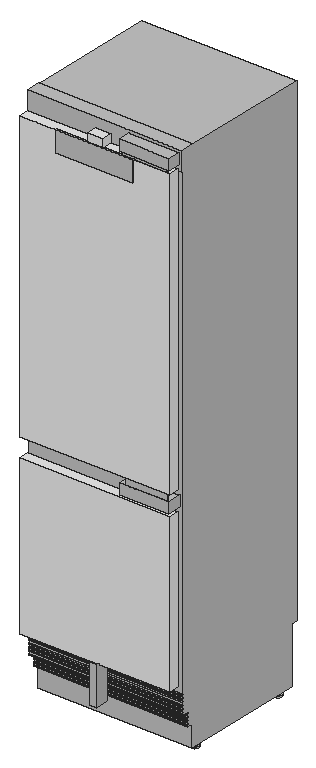
Revit family "FP-Revit18-RS6121WRUK1-FridgeFreezer-0-AS-AU-CN-EU-IE-NZ-SG-UK-90001108A", category Specialty Equipment, Revit 2020
Family settings
  Round Connector Dimension = Use Diameter
  Part Type = Normal
  OmniClass Number = 23.40.40.11.11
  OmniClass Title = Refrigerators and Freezers
  Work Plane-Based = No
  Always vertical = Yes
  Cut with Voids When Loaded = Yes
  Shared = No
  Room Calculation Point = No
Parameters (values of type "RS6121WRUE1")
  Visibility - Visibility Control Note = yes
  Visibility - Clearance Required = yes
  URL = "www.fisherpaykel.com"
  Stainless Steel Door Panels (RD6121WRD) = no
  Product - Width = 603 mm  # constant formula
  Product - Height = 2134 mm  # constant formula
  Product - Depth (exl front panel) = 610 mm  # constant formula
  Model = "RS6121WRUE1"
  Material - Handle = Fisher & Paykel - Aluminium, Dark
  Material - Door Structure = Fisher & Paykel - White
  Material - Door Front = Fisher & Paykel - Stainless Steel
  Material - Body = Fisher & Paykel - Grey
  Manufacturer = "Fisher & Paykel Appliances"
  Handle Style - Contemporary Square Fine Black (AHD5RD6121WB) = no
  Handle Style - Contemporary Square Fine (AHD5RD6121W) = no
  Handle Style - Contemporary Square (AHD3RD6121W) = no
  Handle Style - Contemporary Round (AHSRD6121W) = no
  Description = "61cm Integrated Column Refrigerator/Freezer with Ice & Water"
  Default Elevation = 0 mm
  Connector Description - Water = "1/2 BSP Stainless steel braided hose"
  Connector Description - Electrical = "230 V, 10 amp fused electrical supply"
  Cavity - Width = 610 mm  # constant formula
  Cavity - Height = 2134 mm  # constant formula
  Cavity - Depth = 650 mm  # constant formula
Reference planes
  plane 1 "Datum": y = 0
  plane 2: z = 0
  plane 3 "Center (Left/Right)": x = 0
  plane 4 "Product LHS": x = -301.5
  plane 5 "Product RHS": x = 301.5
  plane 6 "Product - Depth": y = 610
  plane 7: x = -305
  plane 8: x = 305
  plane 9 "Cavity - Depth": y = 628
  plane 10 "Handle Offset": x = -238.5
  plane 11 "Product Height": z = 2134
  plane 12 "Cavity Height": z = 2134
  plane 13 "Door Panel Datum": y = -4.1
Forms (mm)
  Extrusion 1, solid, material "Fisher & Paykel - Grey" <- "Material - Body", detail levels fine
    sketch origin (0, 0, 0) x (0, 1, 0) y (0, 0, 1)
      loop
        line (100.1, 19.1) -> (587.9, 19.1) -> (587.9, 239.7) -> (610, 239.7) -> (610, 2132.3) -> (105.1, 2132.3) -> (105.1, 2134) -> (49.9, 2134) -> (49.9, 2059) -> (56, 2059) -> (56, 228.6) -> (59.5, 228.6) -> (59.5, 219.7) -> (56.5, 219.7) -> (56.5, 215.9) -> (59.5, 215.9) -> (59.5, 207) -> (56.5, 207) -> (56.5, 203.2) -> (59.5, 203.2) -> (59.5, 194.3) -> (56.5, 194.3) -> (56.5, 190.5) -> (59.5, 190.5) -> (59.5, 181.6) -> (56.5, 181.6) -> (56.5, 177.8) -> (59.5, 177.8) -> (59.5, 168.9) -> (56.5, 168.9) -> (56.5, 165.1) -> (59.5, 165.1) -> (59.5, 156.2) -> (56.5, 156.2) -> (56.5, 152.4) -> (84.1, 152.4) -> (84.1, 143.5) -> (81.1, 143.5) -> (81.1, 139.7) -> (84.1, 139.7) -> (84.1, 130.8) -> (81.1, 130.8) -> (81.1, 127) -> (84.1, 127) -> (84.1, 118.1) -> (81.1, 118.1) -> (81.1, 114.3) -> (84.1, 114.3) -> (84.1, 105.4) -> (81.1, 105.4) -> (81.1, 101.6) -> (100.1, 101.6) -> (100.1, 19.1)
    from -301.5 to 301.5
  Extrusion 2, solid, material "Fisher & Paykel - Grey" <- "Material - Body"
    sketch origin (0, 0, 0) x (1, 0, 0) y (0, 1, 0)
      loop
        circle (-281, 547.8) r 4.1
      loop
        circle (-281, 141.8) r 4.1
      loop
        circle (281, 547.8) r 4.1
      loop
        circle (281, 141.8) r 4.1
    from 3 to 19.1
  Extrusion 3, solid, material "Fisher & Paykel - Grey" <- "Material - Body"
    sketch origin (0, 0, 0) x (1, 0, 0) y (0, 1, 0)
      loop
        circle (-281, 547.8) r 14.5
      loop
        circle (-281, 141.8) r 14.555
      loop
        circle (281, 547.8) r 14.5
      loop
        circle (281, 141.8) r 14.555
    from 0 to 3
  Extrusion 4, solid, material "Fisher & Paykel - Grey" <- "Material - Body", detail levels fine
    sketch origin (0, 0, 0) x (1, 0, 0) y (0, 1, 0)
      loop
        line (-7.5, 49) -> (-13.797, -4.1) -> (13.797, -4.1) -> (7.5, 49) -> (-7.5, 49)
    from 104.2 to 253.8
  Extrusion 5, solid, material "Fisher & Paykel - Grey" <- "Material - Body", detail levels fine
    sketch origin (0, 0, 0) x (1, 0, 0) y (0, 0, 1)
      loop
        line (289.9, 2123.15) -> (95.42, 2123.15) -> (95.42, 2081.05) -> (289.9, 2081.05) -> (289.9, 2123.15)
    from -49 to -2.5
  Extrusion 6, solid, material "Fisher & Paykel - Grey" <- "Material - Body", detail levels fine
    sketch origin (0, 0, 0) x (0, 1, 0) y (0, 0, 1)
      loop
        line (0, 2070.6) -> (0, 1988.6) -> (2, 1988.6) -> (2, 2068.6) -> (4, 2068.6) -> (4, 2070.6) -> (0, 2070.6)
    from -150 to 150
  Extrusion 7, solid, material "Fisher & Paykel - Grey" <- "Material - Body"
    sketch origin (0, 0, 0) x (1, 0, 0) y (0, 0, 1)
      loop
        circle (226.5, 119.813) r 5
      loop
        circle (-226.5, 119.813) r 5
    from -590 to -587.9
  Extrusion 8, solid, material "Fisher & Paykel - White" <- "Material - Door Structure"
    sketch origin (0, 0, 0) x (1, 0, 0) y (0, 1, 0)
      loop
        line (-276.5, 56) -> (-276.5, 42) -> (276.5, 42) -> (276.5, 56) -> (-276.5, 56)
    from 951.3 to 2030.7
  Extrusion 9, solid, material "Fisher & Paykel - White" <- "Material - Door Structure"
    sketch origin (0, 0, 0) x (1, 0, 0) y (0, 1, 0)
      loop
        line (-292.9, 42) -> (-292.9, 3) -> (292.9, 3) -> (292.9, 42) -> (-292.9, 42)
    from 943.8 to 2068.6
  Extrusion 10, solid, material "Fisher & Paykel - White" <- "Material - Door Structure", detail levels fine
    sketch origin (0, 0, 0) x (1, 0, 0) y (0, 0, 1)
      loop
        line (-29.5, 2100.1) -> (-29.5, 2068.6) -> (29.5, 2068.6) -> (29.5, 2100.1) -> (-29.5, 2100.1)
    from -42 to -3
  Extrusion 11, solid, material "Fisher & Paykel - Stainless Steel" <- "Material - Door Front", visible <- "Stainless Steel Door Panels (RD6121WRD)"
    sketch origin (0, 0, 0) x (0, 1, 0) y (0, 0, 1)
      loop
        line (-22.1, 2130.8) -> (-22.1, 876.3) -> (-4.1, 876.3) -> (-4.1, 2130.8) -> (-22.1, 2130.8)
      loop
        line (-22.1, 102) -> (-4.1, 102) -> (-4.1, 873.1) -> (-22.1, 873.1) -> (-22.1, 102)
    from -301.5 to 301.5
  Extrusion 12, solid, material "Fisher & Paykel - Grey" <- "Material - Body", detail levels coarse+medium
    sketch origin (0, 0, 0) x (0, 1, 0) y (0, 0, 1)
      loop
        line (49.9, 2134) -> (49.9, 2059) -> (56, 2059) -> (56, 152.4) -> (81.1, 152.4) -> (81.1, 101.6) -> (100.1, 101.6) -> (100.1, 19.1) -> (587.9, 19.1) -> (587.9, 239.7) -> (610, 239.7) -> (610, 2134) -> (49.9, 2134)
    from -301.5 to 301.5
  Extrusion 13, solid, material "Fisher & Paykel - Grey" <- "Material - Body", detail levels fine
    sketch origin (0, 0, 0) x (1, 0, 0) y (0, 0, 1)
      loop
        line (289.9, 877.25) -> (289.9, 919.35) -> (95.42, 919.35) -> (95.42, 877.25) -> (289.9, 877.25)
    from -56 to -2.5
  Extrusion 14, solid, material "Fisher & Paykel - Grey" <- "Material - Body", detail levels fine
    sketch origin (0, 0, -4) x (0, 1, 0) y (0, 0, 1)
      loop
        arc (163.888, 23.1) -> (180.4, 13.63) -> (196.912, 23.1) r 19.13
        line (196.912, 23.1) -> (163.888, 23.1)
      loop
        arc (493.888, 23.1) -> (510.4, 13.63) -> (526.912, 23.1) r 19.13
        line (526.912, 23.1) -> (493.888, 23.1)
    from 191 to 219
  Extrusion 15, solid, material "Fisher & Paykel - Grey" <- "Material - Body", detail levels fine
    sketch origin (0, 0, -4) x (0, 1, 0) y (0, 0, -1)
      loop
        line (163.888, -23.1) -> (196.912, -23.1)
        arc (196.912, -23.1) -> (180.4, -13.63) -> (163.888, -23.1) r 19.13
      loop
        line (493.888, -23.1) -> (526.912, -23.1)
        arc (526.912, -23.1) -> (510.4, -13.63) -> (493.888, -23.1) r 19.13
    from 191 to 219
  Extrusion 16, solid, material "Fisher & Paykel - Clearance Required", visible <- "Visibility - Clearance Required", detail levels coarse
    sketch origin (0, 0, 0) x (1, 0, 0) y (0, 1, 0)
      loop
        line (-305, 628) -> (-305, -4.1) -> (305, -4.1) -> (305, 628) -> (-305, 628)
    from 0 to 2134
  Extrusion 17, void
    sketch origin (0, 0, 0) x (1, 0, 0) y (0, 1, 0)
      loop
        line (-305, 628) -> (-305, -22.1) -> (305, -22.1) -> (305, 628) -> (-305, 628)
    from 0 to 2134
  Extrusion 18, solid, material "Fisher & Paykel - Grey" <- "Material - Body", detail levels fine
    sketch origin (0, 0, 0) x (1, 0, 0) y (0, 0, 1)
      loop
        line (118.4, 943.8) -> (118.4, 919.35) -> (282.9, 919.35) -> (282.9, 943.8) -> (118.4, 943.8)
      loop
        line (106, 2081.05) -> (106, 2068.6) -> (282.9, 2068.6) -> (282.9, 2076.05) -> (242.9, 2081.05) -> (106, 2081.05)
    from -7 to -4
  Extrusion 19, solid, material "Fisher & Paykel - White" <- "Material - Door Structure"
    sketch origin (0, 0, 0) x (1, 0, 0) y (0, 1, 0)
      loop
        line (-292.9, 42) -> (-292.9, 3) -> (292.9, 3) -> (292.9, 42) -> (-292.9, 42)
    from 253.8 to 868.15
  Extrusion 20, solid, material "Fisher & Paykel - White" <- "Material - Door Structure"
    sketch origin (0, 0, 0) x (1, 0, 0) y (0, 1, 0)
      loop
        line (-276.5, 56) -> (-276.5, 42) -> (276.5, 42) -> (276.5, 56) -> (-276.5, 56)
    from 269.2 to 858.13
  Extrusion 21, solid, material "Fisher & Paykel - Clearance Required", visible <- "Visibility - Clearance Required", detail levels coarse
    sketch origin (0, 0, 0) x (0, 1, 0) y (0, 0, 1)
      loop
        line (-422.1, 873.1) -> (-422.1, 818.896) -> (-482.1, 818.896) -> (-482.1, 781.896) -> (-422.1, 781.896) -> (-422.1, 101.6) -> (-22.1, 101.6) -> (-22.1, 873.1) -> (-422.1, 873.1)
    from -305 to 305
  Extrusion 22, solid, material "Fisher & Paykel - Clearance Required", visible <- "Visibility - Clearance Required", detail levels coarse
    sketch origin (0, 0, 0) x (1, 0, 0) y (0, 1, 0)
      loop
        line (301.57, -22) -> (-301.499, -22)
        arc (-301.499, -22) -> (-14.719, -560.594) -> (593.643, -607.728) r 633.937
        line (593.643, -607.728) -> (571.638, -560.412) -> (599.086, -547.613)
        arc (599.086, -547.613) -> (608.033, -523.032) -> (583.452, -514.085) r 18.497
        line (583.452, -514.085) -> (556.046, -526.865) -> (339.373, -60.633)
        arc (339.373, -60.633) -> (304.463, -56.981) -> (301.57, -22) r 27.504
    from 876.3 to 2134
Lines and regions (mm)
  model lines, style "Fisher & Paykel"
    curve 1: line (-301.5, -4.1, 2130.8) -> (301.5, -4.1, 2130.8)
    curve 2: line (-301.5, -4.1, 876.3) -> (-301.5, -4.1, 2130.8)
    curve 3: line (301.5, -4.1, 876.3) -> (-301.5, -4.1, 876.3)
    curve 4: line (301.5, -4.1, 2130.8) -> (301.5, -4.1, 876.3)
    curve 5: line (301.5, -4.1, 873.1) -> (-301.5, -4.1, 873.1)
    curve 6: line (301.5, -4.1, 102) -> (301.5, -4.1, 873.1)
    curve 7: line (-301.5, -4.1, 102) -> (301.5, -4.1, 102)
    curve 8: line (-301.5, -4.1, 873.1) -> (-301.5, -4.1, 102)
Text (mm)
  text "Due to ongoing product development, product details are subject to change without notice. \nPlease always refer to www.fisherpaykel.com for the most current product information. \n© Fisher & Paykel 2020" at (41.04, -678.295, 0), in view "Ref. Level (Plan)"
Dimensions and locks
  equal spacing: plane 4 "Product LHS", plane 3 "Center (Left/Right)", plane 5 "Product RHS"
  "Product - Width": plane 4 "Product LHS" to plane 5 "Product RHS"
  "Product - Depth (exl front panel)": plane 1 "Datum" to plane 6 "Product - Depth"
  equal spacing: plane 7, plane 3 "Center (Left/Right)", plane 8
  "Cavity - Width": plane 7 to plane 8
  plane 4 "Product LHS" to Extrusion 2 sketch curve = 24.6 mm
  plane 4 "Product LHS" to plane 10 "Handle Offset" = 63 mm
  Extrusion 7 sketch curve to Extrusion 1 = 119.887 mm  (x2)
  Extrusion 7 sketch curve to plane 5 "Product RHS" = 75 mm
  plane 4 "Product LHS" to Extrusion 7 sketch curve = 75 mm
  Extrusion 1 sketch curve to Extrusion 1 sketch curve = 82.5 mm
  Extrusion 1 sketch curve to Extrusion 1 sketch curve = 209.5 mm
  Extrusion 1 sketch curve to Extrusion 1 sketch curve = 220.6 mm
  Extrusion 3 to level = 3 mm
  Extrusion 12 to Extrusion 9 = 924.7 mm
  Extrusion 12 to Extrusion 8 = 932.2 mm
  Extrusion 12 to Extrusion 12 = 2114.9 mm
  Extrusion 12 to Extrusion 11 = 82.9 mm
  "Product - Height": level to plane 11 "Product Height"
  plane 11 "Product Height" to Extrusion 11 = 3.2 mm
  Extrusion 9 to plane 11 "Product Height" = 65.4 mm
  Extrusion 8 to plane 11 "Product Height" = 103.3 mm
  Extrusion 12 sketch curve to plane 11 "Product Height" = 75 mm
  Extrusion 1 sketch curve to plane 11 "Product Height" = 1.7 mm
  Extrusion 1 sketch curve to plane 11 "Product Height" = 75 mm
  "Cavity - Height": plane 12 "Cavity Height" to level
  plane 1 "Datum" to Extrusion 16 = 628 mm
  plane 1 "Datum" to Extrusion 17 = 628 mm
  Extrusion 18 sketch curve to Extrusion 18 sketch curve = 40 mm
  Extrusion 18 sketch curve to plane 3 "Center (Left/Right)" = 106 mm
  Extrusion 18 sketch curve to Extrusion 18 sketch curve = 176.9 mm
  Extrusion 18 sketch curve to plane 3 "Center (Left/Right)" = 118.4 mm
  plane 3 "Center (Left/Right)" to Extrusion 18 sketch curve = 282.9 mm
  Extrusion 17 to level = 2134 mm
  "Cavity - Depth": Extrusion 17 to Extrusion 22
  Extrusion 22 to plane 1 "Datum" = 22 mm
  radius of Extrusion 7 sketch curve = 5 mm
  aligned and locked: level to plane 2
  aligned and locked: Extrusion 11 to plane 5 "Product RHS"
  aligned and locked: plane 4 "Product LHS" to Extrusion 11
  aligned and locked: Extrusion 12 to plane 5 "Product RHS"
  aligned and locked: Extrusion 12 to plane 4 "Product LHS"
  aligned and locked: Extrusion 12 sketch curve to plane 11 "Product Height"
  aligned and locked: plane 11 "Product Height" to Extrusion 1 sketch curve
  aligned and locked: Extrusion 14 sketch curve to Extrusion 14 sketch curve
  aligned and locked: Extrusion 15 sketch curve to Extrusion 15 sketch curve
  aligned and locked: Extrusion 1 to plane 5 "Product RHS"
  aligned and locked: plane 4 "Product LHS" to Extrusion 1
  aligned and locked: nested 2 to plane 10 "Handle Offset"
  aligned and locked: nested 3 to plane 10 "Handle Offset"
  aligned and locked: nested 4 to plane 10 "Handle Offset"
  aligned and locked: nested 5 to plane 10 "Handle Offset"
Automatic sketch dimensions
  Extrusion 1 sketch curve to plane 6 "Product - Depth" = 0 mm
  Extrusion 1 sketch curve to Extrusion 1 sketch curve = 22.1 mm
  Extrusion 1 sketch curve to plane 1 "Datum" = 105.1 mm
  level to Extrusion 1 sketch curve = 19.1 mm
  Extrusion 1 sketch curve to plane 1 "Datum" = 100.1 mm
  Extrusion 1 sketch curve to Extrusion 1 sketch curve = 16 mm
  Extrusion 1 sketch curve to Extrusion 1 sketch curve = 0 mm  (x8)
  Extrusion 1 sketch curve to Extrusion 1 sketch curve = 3 mm  (x10)
  Extrusion 1 sketch curve to plane 1 "Datum" = 59.5 mm
  Extrusion 1 sketch curve to plane 1 "Datum" = 56 mm
  Extrusion 1 sketch curve to plane 1 "Datum" = 49.9 mm
  Extrusion 1 sketch curve to Extrusion 1 sketch curve = 3.8 mm  (x10)
  Extrusion 1 sketch curve to Extrusion 1 sketch curve = 8.9 mm  (x9)
  Extrusion 2 sketch curve to plane 4 "Product LHS" = 20.5 mm  (x2)
  plane 5 "Product RHS" to Extrusion 2 sketch curve = 20.5 mm  (x2)
  Extrusion 2 sketch curve to plane 1 "Datum" = 141.8 mm  (x2)
  Extrusion 2 sketch curve to plane 6 "Product - Depth" = 62.2 mm  (x2)
  Extrusion 3 sketch curve to plane 4 "Product LHS" = 20.5 mm  (x2)
  plane 5 "Product RHS" to Extrusion 3 sketch curve = 20.5 mm  (x2)
  Extrusion 3 sketch curve to plane 1 "Datum" = 141.8 mm  (x2)
  Extrusion 3 sketch curve to plane 6 "Product - Depth" = 62.2 mm  (x2)
  plane 1 "Datum" to Extrusion 4 sketch curve = 4.1 mm
  Extrusion 4 sketch curve to plane 3 "Center (Left/Right)" = 13.797 mm
  Extrusion 4 sketch curve to plane 3 "Center (Left/Right)" = 7.5 mm
  plane 3 "Center (Left/Right)" to Extrusion 4 sketch curve = 7.5 mm
  plane 3 "Center (Left/Right)" to Extrusion 4 sketch curve = 13.797 mm
  Extrusion 4 sketch curve to plane 1 "Datum" = 49 mm
  plane 11 "Product Height" to Extrusion 5 sketch curve = 10.85 mm
  plane 3 "Center (Left/Right)" to Extrusion 5 sketch curve = 95.42 mm
  plane 5 "Product RHS" to Extrusion 5 sketch curve = 11.6 mm
  Extrusion 5 sketch curve to Extrusion 5 sketch curve = 42.1 mm
  Extrusion 6 sketch curve to plane 1 "Datum" = 0 mm
  Extrusion 6 sketch curve to plane 1 "Datum" = 2 mm
  Extrusion 6 sketch curve to Extrusion 6 sketch curve = 2 mm  (x2)
  plane 11 "Product Height" to Extrusion 6 sketch curve = 145.4 mm
  plane 11 "Product Height" to Extrusion 6 sketch curve = 65.4 mm
  Extrusion 8 sketch curve to plane 4 "Product LHS" = 25 mm
  plane 5 "Product RHS" to Extrusion 8 sketch curve = 25 mm
  Extrusion 8 sketch curve to plane 1 "Datum" = 42 mm
  Extrusion 8 sketch curve to Extrusion 8 sketch curve = 14 mm
  Extrusion 9 sketch curve to plane 1 "Datum" = 3 mm
  Extrusion 9 sketch curve to plane 4 "Product LHS" = 8.6 mm
  plane 5 "Product RHS" to Extrusion 9 sketch curve = 8.6 mm
  Extrusion 9 sketch curve to Extrusion 9 sketch curve = 39 mm
  Extrusion 10 sketch curve to plane 3 "Center (Left/Right)" = 29.5 mm
  plane 3 "Center (Left/Right)" to Extrusion 10 sketch curve = 29.5 mm
  plane 11 "Product Height" to Extrusion 10 sketch curve = 65.4 mm
  Extrusion 10 sketch curve to Extrusion 10 sketch curve = 31.5 mm
  Extrusion 12 sketch curve to plane 6 "Product - Depth" = 0 mm
  Extrusion 12 sketch curve to plane 6 "Product - Depth" = 22.1 mm
  Extrusion 12 sketch curve to plane 1 "Datum" = 100.1 mm
  Extrusion 12 sketch curve to Extrusion 12 sketch curve = 19 mm
  Extrusion 12 sketch curve to plane 1 "Datum" = 56 mm
  Extrusion 12 sketch curve to plane 1 "Datum" = 49.9 mm
  level to Extrusion 12 sketch curve = 239.7 mm
  level to Extrusion 12 sketch curve = 152.4 mm
  Extrusion 12 sketch curve to Extrusion 12 sketch curve = 50.8 mm
  level to Extrusion 12 sketch curve = 19.1 mm
  plane 3 "Center (Left/Right)" to Extrusion 13 sketch curve = 95.42 mm
  plane 5 "Product RHS" to Extrusion 13 sketch curve = 11.6 mm
  level to Extrusion 13 sketch curve = 877.25 mm
  Extrusion 13 sketch curve to Extrusion 13 sketch curve = 42.1 mm
  level to Extrusion 14 sketch curve = 19.1 mm
  Extrusion 14 sketch curve to plane 1 "Datum" = 163.888 mm
  Extrusion 14 sketch curve to Extrusion 14 sketch curve = 16.512 mm  (x2)
  Extrusion 14 sketch curve to plane 6 "Product - Depth" = 116.112 mm
  Extrusion 14 sketch curve to Extrusion 14 sketch curve = 9.66 mm  (x2)
  level to Extrusion 15 sketch curve = 19.1 mm
  Extrusion 15 sketch curve to plane 1 "Datum" = 163.888 mm
  Extrusion 15 sketch curve to Extrusion 15 sketch curve = 16.512 mm  (x2)
  Extrusion 15 sketch curve to plane 6 "Product - Depth" = 116.112 mm
  Extrusion 15 sketch curve to Extrusion 15 sketch curve = 9.66 mm  (x2)
  Extrusion 16 sketch curve to plane 7 = 0 mm
  Extrusion 16 sketch curve to plane 8 = 0 mm
  Extrusion 16 sketch curve to plane 9 "Cavity - Depth" = 0 mm
  plane 1 "Datum" to Extrusion 16 sketch curve = 4.1 mm
  Extrusion 17 sketch curve to plane 7 = 0 mm
  Extrusion 17 sketch curve to plane 8 = 0 mm
  Extrusion 17 sketch curve to plane 9 "Cavity - Depth" = 0 mm
  plane 1 "Datum" to Extrusion 17 sketch curve = 22.1 mm
  level to Extrusion 18 sketch curve = 919.35 mm
  Extrusion 18 sketch curve to Extrusion 18 sketch curve = 24.45 mm
  plane 11 "Product Height" to Extrusion 18 sketch curve = 65.4 mm
  Extrusion 18 sketch curve to Extrusion 18 sketch curve = 7.45 mm
  Extrusion 18 sketch curve to Extrusion 18 sketch curve = 5 mm
  Extrusion 19 sketch curve to plane 1 "Datum" = 3 mm
  Extrusion 19 sketch curve to plane 4 "Product LHS" = 8.6 mm
  plane 5 "Product RHS" to Extrusion 19 sketch curve = 8.6 mm
  Extrusion 19 sketch curve to Extrusion 19 sketch curve = 39 mm
  Extrusion 20 sketch curve to plane 4 "Product LHS" = 25 mm
  plane 5 "Product RHS" to Extrusion 20 sketch curve = 25 mm
  Extrusion 20 sketch curve to plane 1 "Datum" = 42 mm
  Extrusion 20 sketch curve to Extrusion 20 sketch curve = 14 mm
  plane 1 "Datum" to Extrusion 21 sketch curve = 482.1 mm
  Extrusion 21 sketch curve to Extrusion 21 sketch curve = 60 mm
  Extrusion 21 sketch curve to Extrusion 21 sketch curve = 0 mm
  plane 1 "Datum" to Extrusion 21 sketch curve = 22.1 mm
  level to Extrusion 21 sketch curve = 101.6 mm
  Extrusion 21 sketch curve to Extrusion 21 sketch curve = 680.296 mm
  Extrusion 21 sketch curve to Extrusion 21 sketch curve = 37 mm
  Extrusion 21 sketch curve to Extrusion 21 sketch curve = 54.204 mm
  Extrusion 22 sketch curve to plane 4 "Product LHS" = 0.001 mm
  Extrusion 22 sketch curve to plane 5 "Product RHS" = 0.07 mm
  Extrusion 22 sketch curve to plane 8 = 19.121 mm
  Extrusion 22 sketch curve to Extrusion 22 sketch curve = 8.265 mm
  Extrusion 22 sketch curve to Extrusion 22 sketch curve = 15.252 mm
  Extrusion 22 sketch curve to plane 8 = 251.046 mm
  Extrusion 22 sketch curve to Extrusion 22 sketch curve = 15.592 mm
  Extrusion 22 sketch curve to Extrusion 22 sketch curve = 27.406 mm
  Extrusion 22 sketch curve to Extrusion 22 sketch curve = 7.817 mm  (x2)
  Extrusion 22 sketch curve to Extrusion 22 sketch curve = 22.005 mm
  plane 1 "Datum" to Extrusion 22 sketch curve = 607.728 mm
  Extrusion 22 sketch curve to Extrusion 22 sketch curve = 47.316 mm
  Extrusion 22 sketch curve to Extrusion 22 sketch curve = 12.799 mm
  Extrusion 22 sketch curve to Extrusion 22 sketch curve = 16.764 mm
  Extrusion 22 sketch curve to Extrusion 22 sketch curve = 12.78 mm
  plane 1 "Datum" to Extrusion 22 sketch curve = 60.633 mm
  Extrusion 22 sketch curve to Extrusion 22 sketch curve = 22.887 mm
  plane 1 "Datum" to Extrusion 11 sketch curve = 22.1 mm
  plane 1 "Datum" to Extrusion 11 sketch curve = 4.1 mm
  level to Extrusion 11 sketch curve = 102 mm
  plane 11 "Product Height" to Extrusion 11 sketch curve = 3.2 mm
  Extrusion 11 sketch curve to Extrusion 11 sketch curve = 3.2 mm
  Extrusion 11 sketch curve to Extrusion 11 sketch curve = 771.1 mm
  Extrusion 11 sketch curve to Extrusion 11 sketch curve = 0 mm  (x2)
  plane 5 "Product RHS" to curve 5 = 0 mm
  plane 5 "Product RHS" to curve 1 = 0 mm
  plane 4 "Product LHS" to curve 5 = 0 mm
  plane 4 "Product LHS" to curve 2 = 0 mm
  level to curve 6 = 102 mm
  curve 6 to curve 6 = 771.1 mm
  curve 5 to curve 2 = 3.2 mm
  plane 11 "Product Height" to curve 2 = 3.2 mm
  radius of Extrusion 2 sketch curve = 4.1 mm  (x3)
  radius of Extrusion 3 sketch curve = 14.5 mm  (x2)
  radius of Extrusion 3 sketch curve = 14.555 mm  (x2)
  radius of Extrusion 7 sketch curve = 5 mm
Nested families
  nested 1: "Visibility Control Note 18" at (0, 0, 0), visible <- "Visibility - Visibility Control Note", type "Visibility Control Note 18"
  nested 2: "Handle Contemporary Round - Vertical" at (-238.5, -22.1, 1322.58), visible <- "Handle Style - Contemporary Round (AHSRD6121W)", type "AHSRD6121W - Contemporary round handle (1 of 2) (Vertical) 727mm"
  nested 3: "Handle Contemporary Square - Vertical" at (-238.5, -22.1, 1322.58), visible <- "Handle Style - Contemporary Square (AHD3RD6121W)", type "AHD3RD6121W - Contemporary square handle (1 of 2) (Vertical) 727mm"
  nested 4: "F&P Handle Kit - Contemporary Square Fine - Vertical" at (-238.5, -22.1, 1322.58), visible <- "Handle Style - Contemporary Square Fine Black (AHD5RD6121WB)", type "AHD5RD6121WB - Contemporary square fine black handle (1 of 2) (Vertical) 727mm"
  nested 5: "F&P Handle Kit - Contemporary Square Fine - Vertical" at (-238.5, -22.1, 1322.58), visible <- "Handle Style - Contemporary Square Fine (AHD5RD6121W)", type "AHD5RD6121W - Contemporary square fine handle (1 of 2) (Vertical) 727mm"
  nested 6: "Handle Contemporary Round - Horizontal" at (0, -22.1, 800.364), visible <- "Handle Style - Contemporary Round (AHSRD6121W)", type "AHSRD6121W - Contemporary round handle (2 of 2) (Horizontal) 494mm"
  nested 7: "Handle Contemporary Square - Horizontal" at (0, -22.1, 800.364), visible <- "Handle Style - Contemporary Square (AHD3RD6121W)", type "AHD3RD6121W - Contemporary square handle (2 of 2) (Horizontal) 494mm"
  nested 8: "F&P Handle Kit - Contemporary Square Fine - Horizontal" at (0, -22.1, 800.364), visible <- "Handle Style - Contemporary Square Fine Black (AHD5RD6121WB)", type "AHD5RD6121WB - Contemporary square fine handle black (2 of 2) (Horizontal) 494mm"
  nested 9: "F&P Handle Kit - Contemporary Square Fine - Horizontal" at (0, -22.1, 800.364), visible <- "Handle Style - Contemporary Square Fine (AHD5RD6121W)", type "AHD5RD6121W - Contemporary square fine handle (2 of 2) (Horizontal) 494mm"
Connectors
  electrical at (-226.5, 590, 119.813), driven by "Connector Description - Electrical"
    settings: on Extrusion 7, index 1, voltage 230 V, apparent load 0 VA, apparent load phase1 0 VA, apparent load phase2 0 VA, apparent load phase3 0 VA, power factor 1, load classification "Other", number of poles 1, system type 30, power factor state 1, is connector primary yes, connector utility no, sub classification motor no, connector description "230 V, 10 amp fused electrical supply"
  piping at (226.5, 590, 119.813), diameter 12.7, driven by "Connector Description - Water"
    settings: on Extrusion 7, index 2, connector inside diameter 609.6 mm, connector length 0 mm, flow factor 0, pipe flow 0.0 L/s, pressure drop 0.0 Pa, fitting loss kfactor 0, connector angle 0.00°, fixture units 0, engagement length 0 mm, angle of deflection 0.00°, flow configuration 0, flow direction 1, fitting loss method 0, system type 20, joint type 0, gender type 0, connector reference index -1, connector utility 1, adjustable connector no, is connector primary yes, connector description "1/2 BSP Stainless steel braided hose"
Definition of nested family "Handle Contemporary Round - Vertical"
  Parameters (values of type "AHSRD7621W - Contemporary round handle (1 of 2) (Vertical) 727mm")
    URL = "www.fisherpaykel.com"
    Material - Handle = none
    Manufacturer = "Fisher & Paykel Appliances"
    Handle - Length = 727 mm
    Default Elevation = 0 mm
  Types (8, lengths in mm): name | Handle - Length
    AHS-RD21 - Contemporary round handle (Vertical) 852mm | 852
    AHSRD2484W - Contemporary round handle (1 of 2) (Vertical) 727mm | 727
    AHSRD3084W - Contemporary round handle (1 of 2) (Vertical) 727mm | 727
    AHS-RD84 - Contemporary round handle (Vertical) 852mm | 852
    AHSRS3272A - Contemporary round handle (1 of 2) (Vertical) 727mm | 727
    AHSRS80A - Contemporary round handle (1 of 2) (Vertical) 727mm | 727
    AHSRD6121W - Contemporary round handle (1 of 2) (Vertical) 727mm | 727
    AHSRD7621W - Contemporary round handle (1 of 2) (Vertical) 727mm | 727
  Reference planes
    plane 1 "Center (Front/Back)": y = 0
    plane 2: z = 0
    plane 3 "Center (Left/Right)": x = 0
    plane 4 "Top": z = 363.5
    plane 5 "Bottom": z = -363.5
    plane 6 "Top Standoff": z = 243.5
    plane 7 "Bottom Standoff": z = -243.5
  Forms (mm)
    Extrusion 1, solid, material <- "Material - Handle"
      sketch origin (0, 0, 0) x (1, 0, 0) y (0, 1, 0)
        loop
          circle (0, -32.3) r 8.7
      from -243.5 to 243.5
    Extrusion 2, solid, material <- "Material - Handle", detail levels fine
      sketch origin (0, 0, 0) x (1, 0, 0) y (0, 1, 0)
        loop
          line (-8.7, 0) -> (-8.7, -32.3)
          arc (-8.7, -32.3) -> (0, -41) -> (8.7, -32.3) r 8.7
          line (8.7, -32.3) -> (8.7, 0) -> (-8.7, 0)
      from 243.5 to 363.5
    Extrusion 3, solid, material <- "Material - Handle", detail levels fine
      sketch origin (0, 0, 0) x (1, 0, 0) y (0, 1, 0)
        loop
          line (-8.7, 0) -> (-8.7, -32.3)
          arc (-8.7, -32.3) -> (0, -41) -> (8.7, -32.3) r 8.7
          line (8.7, -32.3) -> (8.7, 0) -> (-8.7, 0)
      from -363.5 to -243.5
    Sweep 4, void
      path in 3D
        loop
          line (8.7, 0, -363.5) -> (8.7, -32.3, -363.5)
          arc (8.7, -32.3, -363.5) -> (0, -41, -363.5) -> (-8.7, -32.3, -363.5) r 8.7
          line (-8.7, -32.3, -363.5) -> (-8.7, 0, -363.5)
      profile origin (8.7, -16.15, -363.5) x (-1, 0, 0) y (0, 0, -1)
        loop
          line (0, 0) -> (0, -1) -> (1, 0) -> (0, 0)
    Sweep 5, void
      path in 3D
        loop
          line (-8.7, 0, 363.5) -> (-8.7, -32.3, 363.5)
          arc (-8.7, -32.3, 363.5) -> (0, -41, 363.5) -> (8.7, -32.3, 363.5) r 8.7
          line (8.7, -32.3, 363.5) -> (8.7, 0, 363.5)
      profile origin (8.7, -16.15, 363.5) x (-1, 0, 0) y (0, 0, 1)
        loop
          line (0, 0) -> (0, -1) -> (1, 0) -> (0, 0)
    Extrusion 6, solid, material <- "Material - Handle", detail levels coarse+medium
      sketch origin (0, 0, 0) x (1, 0, 0) y (0, 1, 0)
        loop
          line (-8.7, 0) -> (-8.7, -32.3)
          arc (-8.7, -32.3) -> (0, -41) -> (8.7, -32.3) r 8.7
          line (8.7, -32.3) -> (8.7, 0) -> (-8.7, 0)
      from 243.5 to 363.5
    Extrusion 7, solid, material <- "Material - Handle", detail levels coarse+medium
      sketch origin (0, 0, 0) x (1, 0, 0) y (0, 1, 0)
        loop
          line (-8.7, 0) -> (-8.7, -32.3)
          arc (-8.7, -32.3) -> (0, -41) -> (8.7, -32.3) r 8.7
          line (8.7, -32.3) -> (8.7, 0) -> (-8.7, 0)
      from -363.5 to -243.5
  Cuts and joins
    Sweep 4 cuts Extrusion 3
    Sweep 5 cuts Extrusion 2
  Lines and regions (mm)
    sketch lines
      curve 1: line (8.7, 0, -363.5) -> (8.7, -32.3, -363.5)
      curve 2: arc (-8.7, -32.3, -363.5) -> (0, -41, -363.5) -> (8.7, -32.3, -363.5) r 8.7
      curve 3: line (-8.7, -32.3, -363.5) -> (-8.7, 0, -363.5)
      curve 4: line (8.7, -32.3, 363.5) -> (8.7, 0, 363.5)
      curve 5: arc (8.7, -32.3, 363.5) -> (0, -41, 363.5) -> (-8.7, -32.3, 363.5) r 8.7
      curve 6: line (-8.7, 0, 363.5) -> (-8.7, -32.3, 363.5)
  Dimensions and locks
    equal spacing: plane 4 "Top", level, plane 5 "Bottom"
    "Handle - Length": plane 4 "Top" to plane 5 "Bottom"
    locked: plane 4 "Top" to plane 6 "Top Standoff" at 120
    locked: plane 7 "Bottom Standoff" to plane 5 "Bottom" at 120
    Extrusion 2 sketch curve to Extrusion 2 sketch curve = 17.4 mm
    Extrusion 3 sketch curve to Extrusion 3 sketch curve = 17.4 mm
    Extrusion 6 sketch curve to Extrusion 6 sketch curve = 17.4 mm
    Extrusion 7 sketch curve to Extrusion 7 sketch curve = 17.4 mm
    aligned and locked: level to plane 2
    aligned and locked: plane 4 "Top" to Extrusion 2
    aligned and locked: Extrusion 3 to plane 5 "Bottom"
    aligned and locked: plane 7 "Bottom Standoff" to Extrusion 3
    aligned and locked: Extrusion 1 to plane 7 "Bottom Standoff"
    aligned and locked: plane 6 "Top Standoff" to Extrusion 1
    aligned and locked: Extrusion 2 to Extrusion 1
    aligned and locked: Extrusion 6 to Extrusion 1
    aligned and locked: plane 4 "Top" to Extrusion 6
    aligned and locked: Extrusion 7 to Extrusion 1
    aligned and locked: Extrusion 7 to plane 5 "Bottom"
  Automatic sketch dimensions
    Extrusion 1 sketch curve to plane 3 "Center (Left/Right)" = 0 mm
    plane 1 "Center (Front/Back)" to Extrusion 1 sketch curve = 32.3 mm
    plane 1 "Center (Front/Back)" to Extrusion 2 sketch curve = 0 mm
    Extrusion 2 sketch curve to plane 3 "Center (Left/Right)" = 0 mm
    Extrusion 2 sketch curve to plane 3 "Center (Left/Right)" = 8.7 mm
    plane 1 "Center (Front/Back)" to Extrusion 2 sketch curve = 32.3 mm
    plane 1 "Center (Front/Back)" to Extrusion 3 sketch curve = 0 mm
    Extrusion 3 sketch curve to plane 3 "Center (Left/Right)" = 0 mm
    Extrusion 3 sketch curve to plane 3 "Center (Left/Right)" = 8.7 mm
    plane 1 "Center (Front/Back)" to Extrusion 3 sketch curve = 32.3 mm
    Sweep 4 sketch curve to profile plane = 0 mm  (x2)
    Sweep 4 sketch curve to profile plane = 1 mm  (x2)
    Sweep 5 sketch curve to profile plane = 0 mm  (x2)
    Sweep 5 sketch curve to profile plane = 1 mm  (x2)
    Extrusion 6 sketch curve to plane 3 "Center (Left/Right)" = 0 mm
    Extrusion 6 sketch curve to plane 3 "Center (Left/Right)" = 8.7 mm
    plane 1 "Center (Front/Back)" to Extrusion 6 sketch curve = 32.3 mm
    Extrusion 6 sketch curve to Extrusion 6 sketch curve = 32.3 mm
    Extrusion 7 sketch curve to plane 3 "Center (Left/Right)" = 0 mm
    Extrusion 7 sketch curve to plane 3 "Center (Left/Right)" = 8.7 mm
    plane 1 "Center (Front/Back)" to Extrusion 7 sketch curve = 32.3 mm
    Extrusion 7 sketch curve to Extrusion 7 sketch curve = 32.3 mm
    radius of Extrusion 1 sketch curve = 8.7 mm
Definition of nested family "Handle Contemporary Square - Vertical"
  Parameters (values of type "AHD3RD6121W - Contemporary square handle (1 of 2) (Vertical) 727mm")
    URL = "www.fisherpaykel.com"
    Material - Handle = none
    Manufacturer = "Fisher & Paykel Appliances"
    Handle - Length = 727 mm
    Default Elevation = 0 mm
  Types (9, lengths in mm): name | Handle - Length
    (no name) | 727
    AHD3-RD21 - Contemporary square handle (Vertical) 852mm | 852
    AHD3RD2484W - Contemporary square handle (1 of 2) (Vertical) 727mm | 727
    AHD3RD3084W - Contemporary square handle (1 of 2) (Vertical) 727mm | 727
    AHD3-RD84 - Contemporary square handle (Vertical) 852mm | 852
    AHD3RS3272A - Contemporary square handle (1 of 2) (Vertical) 727mm | 727
    AHD3RS80A - Contemporary square handle (1 of 2) (Vertical) 727mm | 727
    AHD3RD6121W - Contemporary square handle (1 of 2) (Vertical) 727mm | 727
    AHD3RD7621W - Contemporary square handle (1 of 2) (Vertical) 727mm | 727
  Reference planes
    plane 1 "Center (Front/Back)": y = 0
    plane 2: z = 0
    plane 3 "Center (Left/Right)": x = 0
    plane 4 "Top": z = 363.5
    plane 5 "Bottom": z = -363.5
    plane 6 "Top Standoff": z = 243.5
    plane 7 "Bottom Standoff": z = -243.5
  Forms (mm)
    Extrusion 1, solid, material <- "Material - Handle", detail levels fine
      sketch origin (0, 0, 0) x (1, 0, 0) y (0, 1, 0)
        loop
          arc (-7.583, -28.701) -> (-7.89, -29.057) -> (-8, -29.514) r 1
          line (-8, -29.514) -> (-8, -40.5)
          arc (-8, -40.5) -> (-7.561, -41.561) -> (-6.5, -42) r 1.5
          line (-6.5, -42) -> (6.5, -42)
          arc (6.5, -42) -> (7.561, -41.561) -> (8, -40.5) r 1.5
          line (8, -40.5) -> (8, -29.487)
          arc (8, -29.487) -> (7.889, -29.029) -> (7.58, -28.673) r 1
          arc (7.58, -28.673) -> (-0.006, -26.256) -> (-7.583, -28.701) r 13.038
      from -363.5 to 363.5
    Extrusion 2, solid, material <- "Material - Handle", detail levels fine
      sketch origin (0, 0, 0) x (1, 0, 0) y (0, 1, 0)
        loop
          arc (7.058, -28.23) -> (7.466, -28.244) -> (7.674, -27.893) r 0.4
          line (7.674, -27.893) -> (7.674, 0) -> (-7.674, 0) -> (-7.674, -27.86)
          arc (-7.674, -27.86) -> (-7.467, -28.21) -> (-7.06, -28.198) r 0.4
          arc (-7.06, -28.198) -> (0.004, -26.156) -> (7.058, -28.23) r 13.136
      from 243.5 to 363.5
    Extrusion 3, solid, material <- "Material - Handle", detail levels fine
      sketch origin (0, 0, 0) x (1, 0, 0) y (0, 1, 0)
        loop
          arc (7.058, -28.23) -> (7.466, -28.244) -> (7.674, -27.893) r 0.4
          line (7.674, -27.893) -> (7.674, 0) -> (-7.674, 0) -> (-7.674, -27.86)
          arc (-7.674, -27.86) -> (-7.467, -28.21) -> (-7.06, -28.198) r 0.4
          arc (-7.06, -28.198) -> (0.004, -26.156) -> (7.058, -28.23) r 13.136
      from -363.5 to -243.5
    Sweep 4, void
      path in 3D
        loop
          line (-8, -29.514, 363.5) -> (-8, -40.5, 363.5)
          arc (-8, -40.5, 363.5) -> (-7.561, -41.561, 363.5) -> (-6.5, -42, 363.5) r 1.5
          line (-6.5, -42, 363.5) -> (6.5, -42, 363.5)
          arc (6.5, -42, 363.5) -> (7.561, -41.561, 363.5) -> (8, -40.5, 363.5) r 1.5
          line (8, -40.5, 363.5) -> (8, -29.487, 363.5)
      profile origin (8, -34.994, 363.5) x (-1, 0, 0) y (0, 0, 1)
        loop
          line (0, 0) -> (0, -1.3) -> (1.3, 0) -> (0, 0)
    Sweep 5, void
      path in 3D
        loop
          line (8, -29.487, -363.5) -> (8, -40.5, -363.5)
          arc (8, -40.5, -363.5) -> (7.561, -41.561, -363.5) -> (6.5, -42, -363.5) r 1.5
          line (6.5, -42, -363.5) -> (-6.5, -42, -363.5)
          arc (-6.5, -42, -363.5) -> (-7.561, -41.561, -363.5) -> (-8, -40.5, -363.5) r 1.5
          line (-8, -40.5, -363.5) -> (-8, -29.514, -363.5)
      profile origin (8, -34.994, -363.5) x (-1, 0, 0) y (0, 0, -1)
        loop
          line (0, 0) -> (0, -1.3) -> (1.3, 0) -> (0, 0)
    Extrusion 6, void
      sketch origin (0, 0, 0) x (1, 0, 0) y (0, 0, 1)
        loop
          line (-8, -362.2) -> (-8, -363.5) -> (-6.7, -363.5) -> (-8, -362.2)
        loop
          line (8, -362.2) -> (6.7, -363.5) -> (8, -363.5) -> (8, -362.2)
      from 0 to 40
    Extrusion 7, void
      sketch origin (0, 0, 0) x (1, 0, 0) y (0, 0, 1)
        loop
          line (-8, 363.5) -> (-8, 362.2) -> (-6.7, 363.5) -> (-8, 363.5)
        loop
          line (8, 363.5) -> (6.7, 363.5) -> (8, 362.2) -> (8, 363.5)
      from 0 to 40
    Extrusion 8, solid, material <- "Material - Handle", detail levels coarse+medium
      sketch origin (0, 0, 0) x (0, 1, 0) y (0, 0, 1)
        loop
          line (0, 363.5) -> (-42, 363.5) -> (-42, -363.5) -> (0, -363.5) -> (0, -243.5) -> (-26.245, -243.5) -> (-26.245, 243.5) -> (0, 243.5) -> (0, 363.5)
      from -8 to 8
  Cuts and joins
    Sweep 4, Sweep 5, Extrusion 6, Extrusion 7 cuts Extrusion 1
    Extrusion 6 cuts Extrusion 3
    Extrusion 7 cuts Extrusion 2
  Lines and regions (mm)
    sketch lines
      curve 1: line (8, -40.5, 363.5) -> (8, -29.487, 363.5)
      curve 2: arc (8, -40.5, 363.5) -> (7.561, -41.561, 363.5) -> (6.5, -42, 363.5) r 1.5
      curve 3: line (-6.5, -42, 363.5) -> (6.5, -42, 363.5)
      curve 4: arc (-6.5, -42, 363.5) -> (-7.561, -41.561, 363.5) -> (-8, -40.5, 363.5) r 1.5
      curve 5: line (-8, -29.514, 363.5) -> (-8, -40.5, 363.5)
      curve 6: line (8, -29.487, -363.5) -> (8, -40.5, -363.5)
      curve 7: arc (6.5, -42, -363.5) -> (7.561, -41.561, -363.5) -> (8, -40.5, -363.5) r 1.5
      curve 8: line (6.5, -42, -363.5) -> (-6.5, -42, -363.5)
      curve 9: arc (-8, -40.5, -363.5) -> (-7.561, -41.561, -363.5) -> (-6.5, -42, -363.5) r 1.5
      curve 10: line (-8, -40.5, -363.5) -> (-8, -29.514, -363.5)
  Dimensions and locks
    equal spacing: plane 4 "Top", level, plane 5 "Bottom"
    "Handle - Length": plane 4 "Top" to plane 5 "Bottom"
    locked: plane 4 "Top" to plane 6 "Top Standoff" at 120
    locked: plane 7 "Bottom Standoff" to plane 5 "Bottom" at 120
    aligned and locked: level to plane 2
    aligned and locked: plane 4 "Top" to Extrusion 2
    aligned and locked: Extrusion 2 to plane 6 "Top Standoff"
    aligned and locked: plane 4 "Top" to Extrusion 1
    aligned and locked: Extrusion 1 to plane 5 "Bottom"
    aligned and locked: Extrusion 3 to plane 5 "Bottom"
    aligned and locked: plane 7 "Bottom Standoff" to Extrusion 3
    aligned and locked: plane 4 "Top" to Extrusion 8 sketch curve
    aligned and locked: plane 6 "Top Standoff" to Extrusion 8 sketch curve
    aligned and locked: plane 7 "Bottom Standoff" to Extrusion 8 sketch curve
    aligned and locked: plane 5 "Bottom" to Extrusion 8 sketch curve
    aligned and locked: plane 1 "Center (Front/Back)" to Extrusion 8 sketch curve  (x2)
  Automatic sketch dimensions
    Extrusion 1 sketch curve to plane 3 "Center (Left/Right)" = 8 mm
    Extrusion 1 sketch curve to Extrusion 1 sketch curve = 1 mm  (x2)
    Extrusion 1 sketch curve to Extrusion 1 sketch curve = 1.5 mm
    plane 3 "Center (Left/Right)" to Extrusion 1 sketch curve = 0.018 mm
    plane 3 "Center (Left/Right)" to Extrusion 1 sketch curve = 6.5 mm
    plane 3 "Center (Left/Right)" to Extrusion 1 sketch curve = 7 mm
    plane 1 "Center (Front/Back)" to Extrusion 1 sketch curve = 42 mm
    Extrusion 1 sketch curve to Extrusion 1 sketch curve = 1.206 mm
    Extrusion 1 sketch curve to Extrusion 1 sketch curve = 10.986 mm
    Extrusion 1 sketch curve to Extrusion 1 sketch curve = 11.013 mm
    Extrusion 1 sketch curve to Extrusion 1 sketch curve = 0 mm
    plane 1 "Center (Front/Back)" to Extrusion 2 sketch curve = 0 mm
    Extrusion 2 sketch curve to plane 3 "Center (Left/Right)" = 7.674 mm
    Extrusion 2 sketch curve to Extrusion 2 sketch curve = 0.4 mm  (x2)
    Extrusion 2 sketch curve to plane 3 "Center (Left/Right)" = 0.026 mm
    plane 3 "Center (Left/Right)" to Extrusion 2 sketch curve = 7.274 mm
    plane 1 "Center (Front/Back)" to Extrusion 2 sketch curve = 27.86 mm
    Extrusion 2 sketch curve to Extrusion 2 sketch curve = 0.033 mm
    Extrusion 2 sketch curve to Extrusion 2 sketch curve = 11.398 mm
    Extrusion 2 sketch curve to Extrusion 2 sketch curve = 0 mm
    plane 1 "Center (Front/Back)" to Extrusion 3 sketch curve = 0 mm
    Extrusion 3 sketch curve to Extrusion 3 sketch curve = 0.4 mm  (x2)
    Extrusion 3 sketch curve to Extrusion 3 sketch curve = 7.248 mm
    Extrusion 3 sketch curve to Extrusion 3 sketch curve = 7.3 mm
    plane 1 "Center (Front/Back)" to Extrusion 3 sketch curve = 27.86 mm
    Extrusion 3 sketch curve to Extrusion 3 sketch curve = 0.033 mm
    Extrusion 3 sketch curve to Extrusion 3 sketch curve = 11.398 mm
    Extrusion 3 sketch curve to Extrusion 3 sketch curve = 0 mm
    Sweep 4 sketch curve to profile plane = 0 mm  (x2)
    Sweep 4 sketch curve to profile plane = 1.3 mm  (x2)
    Sweep 5 sketch curve to profile plane = 0 mm  (x2)
    Sweep 5 sketch curve to profile plane = 1.3 mm  (x2)
    Extrusion 6 sketch curve to plane 5 "Bottom" = 0 mm  (x2)
    plane 5 "Bottom" to Extrusion 6 sketch curve = 1.3 mm  (x2)
    Extrusion 6 sketch curve to plane 3 "Center (Left/Right)" = 8 mm
    Extrusion 6 sketch curve to Extrusion 6 sketch curve = 1.3 mm  (x2)
    plane 3 "Center (Left/Right)" to Extrusion 6 sketch curve = 8 mm
    Extrusion 7 sketch curve to plane 4 "Top" = 0 mm  (x2)
    Extrusion 7 sketch curve to plane 3 "Center (Left/Right)" = 8 mm
    Extrusion 7 sketch curve to Extrusion 7 sketch curve = 1.3 mm  (x2)
    plane 3 "Center (Left/Right)" to Extrusion 7 sketch curve = 8 mm
    Extrusion 7 sketch curve to plane 4 "Top" = 1.3 mm  (x2)
    plane 1 "Center (Front/Back)" to Extrusion 8 sketch curve = 26.245 mm
    plane 1 "Center (Front/Back)" to Extrusion 8 sketch curve = 42 mm
    Extrusion 3 sketch curve to plane 3 "Center (Left/Right)" = 7.674 mm
Definition of nested family "F&P Handle Kit - Contemporary Square Fine - Vertical"
  Parameters (values of type "AHD5RD90AB - Contemporary square fine black handle (1 of 2) (Vertical) 727mm")
    URL = "www.fisherpaykel.com"
    Material - Handle = none
    Manufacturer = "Fisher & Paykel Appliances"
    Handle - Length = 727 mm
    Default Elevation = 0 mm
  Types (14): name
    AHD5RD2484W - Contemporary square fine handle (1 of 2) (Vertical) 727mm
    AHD5RD2484WB - Contemporary square fine black handle (1 of 2) (Vertical) 727mm
    AHD5RD3084W - Contemporary square fine handle (1 of 2) (Vertical) 727mm
    AHD5RD3084WB - Contemporary square fine black handle (1 of 2) (Vertical) 727mm
    AHD5RD6121W - Contemporary square fine handle (1 of 2) (Vertical) 727mm
    AHD5RD6121WB - Contemporary square fine black handle (1 of 2) (Vertical) 727mm
    AHD5RD7621W - Contemporary square fine handle (1 of 2) (Vertical) 727mm
    AHD5RD7621WB - Contemporary square fine black handle (1 of 2) (Vertical) 727mm
    AHD5RD36A - Contemporary square fine handle (1 of 2) (Vertical) 727mm
    AHD5RD36AB - Contemporary square fine black handle (1 of 2) (Vertical) 727mm
    AHD5RD80A - Contemporary square fine handle (1 of 2) (Vertical) 727mm
    AHD5RD90A - Contemporary square fine handle (1 of 2) (Vertical) 727mm
    AHD5RD80AB - Contemporary square fine black handle (1 of 2) (Vertical) 727mm
    AHD5RD90AB - Contemporary square fine black handle (1 of 2) (Vertical) 727mm
  Reference planes
    plane 1 "Center (Front/Back)": y = 0
    plane 2: z = 0
    plane 3 "Center (Left/Right)": x = 0
    plane 4 "Top": z = 363.5
    plane 5 "Bottom": z = -363.5
    plane 6 "Top Standoff": z = 243.5
    plane 7 "Bottom Standoff": z = -243.5
  Forms (mm)
    Extrusion 1, solid, material <- "Material - Handle", detail levels fine
      sketch origin (0, 0, 0) x (1, 0, 0) y (0, 1, 0)
        loop
          arc (-6.16, -26.813) -> (-6.554, -27.196) -> (-6.686, -27.728) r 1
          line (-6.686, -27.728) -> (-6.256, -40.035)
          arc (-6.256, -40.035) -> (-5.951, -40.719) -> (-5.257, -41) r 1
          line (-5.257, -41) -> (5.257, -41)
          arc (5.257, -41) -> (5.951, -40.719) -> (6.256, -40.035) r 1
          line (6.256, -40.035) -> (6.686, -27.709)
          arc (6.686, -27.709) -> (6.554, -27.175) -> (6.158, -26.792) r 1
          arc (6.158, -26.792) -> (-0.004, -25.256) -> (-6.16, -26.813) r 13.038
      from -363.5 to 363.5
    Extrusion 2, solid, material <- "Material - Handle", detail levels fine
      sketch origin (0, 0, 0) x (1, 0, 0) y (0, 1, 0)
        loop
          arc (6.012, -26.626) -> (6.494, -26.614) -> (6.741, -26.2) r 0.5
          line (6.741, -26.2) -> (7.7, 0) -> (-7.7, 0) -> (-6.742, -26.174)
          arc (-6.742, -26.174) -> (-6.496, -26.587) -> (-6.015, -26.6) r 0.5
          arc (-6.015, -26.6) -> (0.002, -25.156) -> (6.012, -26.626) r 13.136
      from 243.5 to 363.5
    Extrusion 3, solid, material <- "Material - Handle", detail levels coarse+medium
      sketch origin (0, 0, 0) x (0, 1, 0) y (0, 0, 1)
        loop
          line (0, 363.5) -> (-42, 363.5) -> (-42, -363.5) -> (0, -363.5) -> (0, -243.5) -> (-26.245, -243.5) -> (-26.245, 243.5) -> (0, 243.5) -> (0, 363.5)
      from -8 to 8
    Extrusion 4, solid, material <- "Material - Handle", detail levels fine
      sketch origin (0, 0, 0) x (1, 0, 0) y (0, 1, 0)
        loop
          arc (6.012, -26.626) -> (6.494, -26.614) -> (6.741, -26.2) r 0.5
          line (6.741, -26.2) -> (7.7, 0) -> (-7.7, 0) -> (-6.742, -26.174)
          arc (-6.742, -26.174) -> (-6.496, -26.587) -> (-6.015, -26.6) r 0.5
          arc (-6.015, -26.6) -> (0.002, -25.156) -> (6.012, -26.626) r 13.136
      from -363.5 to -243.5
  Dimensions and locks
    equal spacing: plane 4 "Top", level, plane 5 "Bottom"
    "Handle - Length": plane 4 "Top" to plane 5 "Bottom"
    locked: plane 4 "Top" to plane 6 "Top Standoff" at 120
    locked: plane 7 "Bottom Standoff" to plane 5 "Bottom" at 120
    aligned and locked: level to plane 2
    aligned and locked: plane 4 "Top" to Extrusion 2
    aligned and locked: Extrusion 2 to plane 6 "Top Standoff"
    aligned and locked: plane 4 "Top" to Extrusion 1
    aligned and locked: Extrusion 1 to plane 5 "Bottom"
    aligned and locked: plane 4 "Top" to Extrusion 3 sketch curve
    aligned and locked: plane 6 "Top Standoff" to Extrusion 3 sketch curve
    aligned and locked: plane 7 "Bottom Standoff" to Extrusion 3 sketch curve
    aligned and locked: plane 5 "Bottom" to Extrusion 3 sketch curve
    aligned and locked: Extrusion 4 to plane 5 "Bottom"
    aligned and locked: plane 7 "Bottom Standoff" to Extrusion 4
  Automatic sketch dimensions
    Extrusion 1 sketch curve to plane 3 "Center (Left/Right)" = 6.686 mm
    Extrusion 1 sketch curve to plane 3 "Center (Left/Right)" = 6.256 mm
    Extrusion 1 sketch curve to Extrusion 1 sketch curve = 0.999 mm  (x4)
    plane 3 "Center (Left/Right)" to Extrusion 1 sketch curve = 0.018 mm
    plane 3 "Center (Left/Right)" to Extrusion 1 sketch curve = 5.257 mm
    plane 3 "Center (Left/Right)" to Extrusion 1 sketch curve = 5.687 mm
    plane 1 "Center (Front/Back)" to Extrusion 1 sketch curve = 41 mm
    Extrusion 1 sketch curve to Extrusion 1 sketch curve = 0.965 mm  (x2)
    Extrusion 1 sketch curve to Extrusion 1 sketch curve = 1.706 mm
    Extrusion 1 sketch curve to Extrusion 1 sketch curve = 12.307 mm
    Extrusion 1 sketch curve to Extrusion 1 sketch curve = 12.326 mm
    Extrusion 1 sketch curve to Extrusion 1 sketch curve = 0.035 mm  (x2)
    Extrusion 1 sketch curve to Extrusion 1 sketch curve = 0 mm
    plane 1 "Center (Front/Back)" to Extrusion 2 sketch curve = 0 mm
    Extrusion 2 sketch curve to plane 3 "Center (Left/Right)" = 7.7 mm
    Extrusion 2 sketch curve to plane 3 "Center (Left/Right)" = 6.742 mm
    Extrusion 2 sketch curve to Extrusion 2 sketch curve = 0.5 mm  (x2)
    Extrusion 2 sketch curve to plane 3 "Center (Left/Right)" = 0.026 mm
    plane 3 "Center (Left/Right)" to Extrusion 2 sketch curve = 6.242 mm
    plane 3 "Center (Left/Right)" to Extrusion 2 sketch curve = 7.7 mm
    plane 1 "Center (Front/Back)" to Extrusion 2 sketch curve = 26.155 mm
    Extrusion 2 sketch curve to Extrusion 2 sketch curve = 0.018 mm  (x2)
    Extrusion 2 sketch curve to Extrusion 2 sketch curve = 0.026 mm
    Extrusion 2 sketch curve to Extrusion 2 sketch curve = 12.11 mm
    Extrusion 2 sketch curve to Extrusion 2 sketch curve = 0 mm
    plane 1 "Center (Front/Back)" to Extrusion 3 sketch curve = 42 mm
    Extrusion 3 sketch curve to Extrusion 3 sketch curve = 15.755 mm
    Extrusion 3 sketch curve to Extrusion 3 sketch curve = 42 mm  (x2)
    Extrusion 4 sketch curve to plane 3 "Center (Left/Right)" = 7.7 mm
    Extrusion 4 sketch curve to plane 3 "Center (Left/Right)" = 6.742 mm
    Extrusion 4 sketch curve to Extrusion 4 sketch curve = 0.5 mm  (x2)
    Extrusion 4 sketch curve to plane 3 "Center (Left/Right)" = 0.026 mm
    plane 3 "Center (Left/Right)" to Extrusion 4 sketch curve = 6.242 mm
    plane 3 "Center (Left/Right)" to Extrusion 4 sketch curve = 7.7 mm
    plane 1 "Center (Front/Back)" to Extrusion 4 sketch curve = 38.291 mm
    Extrusion 4 sketch curve to Extrusion 4 sketch curve = 12.091 mm
    Extrusion 4 sketch curve to Extrusion 4 sketch curve = 0.018 mm  (x2)
    Extrusion 4 sketch curve to Extrusion 4 sketch curve = 0.452 mm
    Extrusion 4 sketch curve to Extrusion 4 sketch curve = 26.174 mm
    Extrusion 4 sketch curve to Extrusion 4 sketch curve = 0 mm
Definition of nested family "Handle Contemporary Round - Horizontal"
  Parameters (values of type "AHSRD6121W - Contemporary round handle (2 of 2) (Horizontal) 494mm")
    URL = "www.fisherpaykel.com"
    Product - Width = 494 mm
    Material - Handle = none
    Manufacturer = "Fisher & Paykel Appliances"
    Default Elevation = 0 mm
  Types (7, lengths in mm): name | Product - Width
    (no name) | 494
    AHSRD2484W - Contemporary round handle (2 of 2) (Horizontal) 494mm | 494
    AHSRD3084W - Contemporary round handle (2 of 2) (Horizontal) 646mm | 646
    AHSRS3272A - Contemporary round handle (2 of 2) (Horizontal) 646mm | 646
    AHSRS80A - Contemporary round handle (2 of 2) (Horizontal) 646mm | 646
    AHSRD6121W - Contemporary round handle (2 of 2) (Horizontal) 494mm | 494
    AHSRD7621W - Contemporary round handle (2 of 2) (Horizontal) 646mm | 646
  Reference planes
    plane 1 "Center (Front/Back)": y = 0
    plane 2: z = 0
    plane 3 "Center (Left/Right)": x = 0
    plane 4 "Product LHS": x = -247
    plane 5 "Product RHS": x = 247
    plane 6 "LHS Standoff": x = -126.995
    plane 7 "RHS Standoff": x = 127.005
  Forms (mm)
    Extrusion 1, solid, material <- "Material - Handle"
      sketch origin (0, 0, 0) x (0, 1, 0) y (0, 0, 1)
        loop
          circle (-32.3, 0) r 8.7
      from -126.995 to 127.005
    Extrusion 2, solid, material <- "Material - Handle", detail levels fine
      sketch origin (0, 0, 0) x (0, 1, 0) y (0, 0, 1)
        loop
          line (0, 8.7) -> (-32.3, 8.7)
          arc (-32.3, 8.7) -> (-41, 0) -> (-32.3, -8.7) r 8.7
          line (-32.3, -8.7) -> (0, -8.7) -> (0, 8.7)
      from 127.005 to 247
    Extrusion 3, solid, material <- "Material - Handle", detail levels fine
      sketch origin (0, 0, 0) x (0, 1, 0) y (0, 0, -1)
        loop
          line (0, -8.7) -> (0, 8.7) -> (-32.3, 8.7)
          arc (-32.3, 8.7) -> (-41, 0) -> (-32.3, -8.7) r 8.7
          line (-32.3, -8.7) -> (0, -8.7)
      from 126.995 to 247
    Sweep 4, void
      path in 3D
        loop
          line (247, 0, 8.7) -> (247, -32.3, 8.7)
          arc (247, -32.3, 8.7) -> (247, -41, 0) -> (247, -32.3, -8.7) r 8.7
          line (247, -32.3, -8.7) -> (247, 0, -8.7)
      profile origin (247, -16.15, 8.7) x (1, 0, 0) y (0, 0, 1)
        loop
          line (0, 0) -> (-1, 0) -> (0, -1) -> (0, 0)
    Sweep 5, void
      path in 3D
        loop
          line (-247, 0, -8.7) -> (-247, -32.3, -8.7)
          arc (-247, -32.3, -8.7) -> (-247, -41, 0) -> (-247, -32.3, 8.7) r 8.7
          line (-247, -32.3, 8.7) -> (-247, 0, 8.7)
      profile origin (-247, -16.15, 8.7) x (-1, 0, 0) y (0, 0, 1)
        loop
          line (0, 0) -> (-1, 0) -> (0, -1) -> (0, 0)
    Extrusion 6, solid, material <- "Material - Handle", detail levels coarse+medium
      sketch origin (0, 0, 0) x (0, 1, 0) y (0, 0, 1)
        loop
          line (0, 8.7) -> (-32.3, 8.7)
          arc (-32.3, 8.7) -> (-41, 0) -> (-32.3, -8.7) r 8.7
          line (-32.3, -8.7) -> (0, -8.7) -> (0, 8.7)
      from 127.005 to 247
    Extrusion 7, solid, material <- "Material - Handle", detail levels coarse+medium
      sketch origin (0, 0, 0) x (0, 1, 0) y (0, 0, -1)
        loop
          line (0, -8.7) -> (0, 8.7) -> (-32.3, 8.7)
          arc (-32.3, 8.7) -> (-41, 0) -> (-32.3, -8.7) r 8.7
          line (-32.3, -8.7) -> (0, -8.7)
      from 126.995 to 247
  Cuts and joins
    Sweep 4 cuts Extrusion 2
    Sweep 5 cuts Extrusion 3
  Lines and regions (mm)
    sketch lines
      curve 1: line (247, 0, 8.7) -> (247, -32.3, 8.7)
      curve 2: arc (247, -32.3, -8.7) -> (247, -41, 0) -> (247, -32.3, 8.7) r 8.7
      curve 3: line (247, -32.3, -8.7) -> (247, 0, -8.7)
      curve 4: line (-247, -32.3, 8.7) -> (-247, 0, 8.7)
      curve 5: arc (-247, -32.3, 8.7) -> (-247, -41, 0) -> (-247, -32.3, -8.7) r 8.7
      curve 6: line (-247, 0, -8.7) -> (-247, -32.3, -8.7)
  Dimensions and locks
    equal spacing: plane 4 "Product LHS", plane 3 "Center (Left/Right)", plane 5 "Product RHS"
    "Product - Width": plane 4 "Product LHS" to plane 5 "Product RHS"
    locked: plane 4 "Product LHS" to plane 6 "LHS Standoff" at 120.005
    locked: plane 7 "RHS Standoff" to plane 5 "Product RHS" at 119.995
    equal spacing: Extrusion 2 sketch curve, level, Extrusion 2 sketch curve
    Extrusion 3 sketch curve to Extrusion 3 sketch curve = 17.4 mm
    Extrusion 6 sketch curve to Extrusion 6 sketch curve = 17.4 mm
    Extrusion 7 sketch curve to Extrusion 7 sketch curve = 17.4 mm
    aligned and locked: level to plane 2
    aligned and locked: plane 7 "RHS Standoff" to Extrusion 1
    aligned and locked: Extrusion 2 to Extrusion 1
    aligned and locked: Extrusion 2 to plane 5 "Product RHS"
    aligned and locked: plane 4 "Product LHS" to Extrusion 3
    aligned and locked: plane 6 "LHS Standoff" to Extrusion 3
    aligned and locked: Extrusion 1 to plane 6 "LHS Standoff"
    aligned and locked: Extrusion 6 to Extrusion 1
    aligned and locked: Extrusion 6 to plane 5 "Product RHS"
    aligned and locked: plane 4 "Product LHS" to Extrusion 7
    aligned and locked: Extrusion 7 to Extrusion 1
  Automatic sketch dimensions
    Extrusion 1 sketch curve to level = 0 mm
    plane 1 "Center (Front/Back)" to Extrusion 1 sketch curve = 32.3 mm
    Extrusion 2 sketch curve to plane 1 "Center (Front/Back)" = 0 mm
    Extrusion 2 sketch curve to level = 8.7 mm
    plane 1 "Center (Front/Back)" to Extrusion 2 sketch curve = 32.3 mm
    Extrusion 3 sketch curve to level = 0 mm
    Extrusion 3 sketch curve to plane 1 "Center (Front/Back)" = 0 mm
    Extrusion 3 sketch curve to level = 8.7 mm
    plane 1 "Center (Front/Back)" to Extrusion 3 sketch curve = 32.3 mm
    Sweep 4 sketch curve to profile plane = 0 mm
    profile plane to Sweep 4 sketch curve = 0 mm
    profile plane to Sweep 4 sketch curve = 1 mm
    Sweep 4 sketch curve to profile plane = 1 mm
    Sweep 5 sketch curve to profile plane = 0 mm  (x2)
    profile plane to Sweep 5 sketch curve = 1 mm
    Sweep 5 sketch curve to profile plane = 1 mm
    Extrusion 6 sketch curve to level = 0 mm
    level to Extrusion 6 sketch curve = 8.7 mm
    plane 1 "Center (Front/Back)" to Extrusion 6 sketch curve = 32.3 mm
    Extrusion 6 sketch curve to Extrusion 6 sketch curve = 32.3 mm
    Extrusion 7 sketch curve to level = 0 mm
    level to Extrusion 7 sketch curve = 8.7 mm
    plane 1 "Center (Front/Back)" to Extrusion 7 sketch curve = 32.3 mm
    Extrusion 7 sketch curve to Extrusion 7 sketch curve = 32.3 mm
    radius of Extrusion 1 sketch curve = 8.7 mm
Definition of nested family "Handle Contemporary Square - Horizontal"
  Parameters (values of type "AHD3RD7621W - Contemporary square handle (2 of 2) (Horizontal) 646mm")
    URL = "www.fisherpaykel.com"
    Material - Handle = none
    Manufacturer = "Fisher & Paykel Appliances"
    Handle - Length = 646 mm
    Default Elevation = 0 mm
